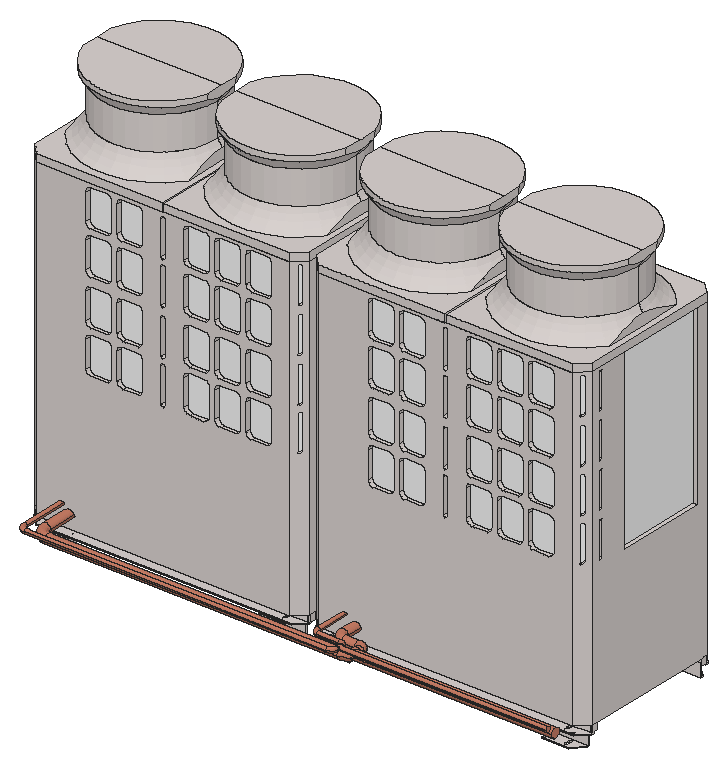
Revit family "PUHY-P900YSNW-A1", category Mechanical Equipment, Revit 2016
Family settings
  Part Type = Normal
  Round Connector Dimension = Use Radius
  OmniClass Number = 23.75.00.00
  OmniClass Title = Climate Control (HVAC)
  Work Plane-Based = No
  Always vertical = Yes
  Cut with Voids When Loaded = No
  Shared = No
  Room Calculation Point = No
Parameters (values of type "PUHY-P900YSNW-A1_380V_60Hz")
  Model = "PUHY-P900YSNW-A1"
  Width = 2510.000 mm
  WarrantyStart = ""
  Voltage = 380 V
  Unit Weight (kg) = 586
  URL = "http://www.mitsubishielectric.com/"
  Temp. range of heating (Outdoor temp.) (W.B.) = "-20.0 to 15.5"
  Temp. range of heating (Indoor temp.) (D.B.) = "15.0 to 27.0"
  Temp. range of cooling (Outdoor temp.) (D.B.) = "-5.0 to 52.0"
  Temp. range of cooling (Indoor temp.) (W.B.) = "15.0 to 24.0"
  TagNumber = 0
  Subcategory = "HVAC"
  Space View = yes
  Sound Pressure Level (dB(A)) Heating mode = 72.5
  Sound Pressure Level (dB(A)) Cooling mode = 68.5
  SerialNumber = 0
  ReplacementYear = ""
  Refrigerant type = "R410A"
  Refrigerant Charge (kg) = 21.6
  Protection Devices_Inverter circuit (COMP./FAN) = "Over-current protection"
  Protection Devices_High pressure (MPa) = "High pressure sensor, High pressure switch at 4.15"
  Phase = 3
  Manufacturer = "Mitsubishi Electric Corporation"
  Outdoor unit 2 Breaker size (A) = 60
  Outdoor unit 2 = PUHY-P450YNW-A1 : PUHY-P450YNW-A1
  Outdoor unit 1 Breaker size (A) = 60
  Outdoor unit 1 = PUHY-P450YNW-A1 : PUHY-P450YNW-A1
  Note_1 = "Refrigerant pipe diameters may change depending on the installation condition. Please refer to the installation manual."
  Maximum Circuit Ampacity (A) = 74.2
  Liquid pipe_radius = 9.525 mm
  InstallationDate = ""
  Indoor Unit Total Capacity = "50 to 130% of outdoor unit capacity"
  Indoor Unit Model/Quantity = "P10 to P250/2 to 50"
  Hertz = 60 Hz
  Height = 1858.000 mm
  Heating SCOP (kW/kW) = 3.71
  Heating Rated Load Ampacity (A) = 49.1
  Heating Power Input (kW) = 29.12
  Heating Power Input (Nominal) (kW) = 24.33
  Heating Current Input (Nominal) (A) = 41
  Heating Current Input (A) = 49.1
  Heating Capacity (kW) = 113
  Heating Capacity (Nominal) (kW) = 101
  Heating COP (kW/kW) = 3.88
  Heating COP (Nominal) (kW/kW) = 4.15
  Gas pipe_radius = 20.640 mm
  Fan_Type = "Propeller Fan"
  Fan_Quantity = 4
  Fan Motor Output (kW) = 1.84
  External static pressure (Pa) = 0
  External Finish = "Pre-coated galvanized steel sheets (+powder coating for -BS type) <MUNSELL 3Y 7.8/1.1 or similar>"
  Equip_description = ""
  Equip_No. = 0
  Equip_ID = ""
  Description = ""
  Depth = 740.000 mm
  CreatedOn = ""
  CreatedBy = ""
  Cooling SEER (kW/kW) = 6.41
  Cooling Rated Load Ampacity (A) = 51.3
  Cooling Power Input (kW) = 30.42
  Cooling EER (kW/kW) = 3.32
  Cooling Current Input (A) = 51.3
  Cooling Capacity (kW) = 101
  Compressor_Type = "Inverter scroll hermetic compressor"
  Compressor_Quantity = 2
  Compressor_Lubricant = "MEL32"
  Compressor Motor Output (kW) = 23.4
  Category = ""
  Barcode = ""
  AssetIdentifier = ""
  Airflow Rate (m3/min) = 610
  Airflow Rate (m3/h) = 36600
Reference planes
  plane 1 "Center (Front/Back)": y = 0
  plane 2: z = 0
  plane 3 "Center (Left/Right)": x = 0
  plane 4: y = 370
  plane 5 "front": y = -370
  plane 6: x = -1255
  plane 7: x = 1255
  plane 8: x = 15
  plane 9: x = -15
  plane 10: z = 1858
Forms (mm)
  Sweep 1, solid, material "Copper"
    path origin (1017.215, -4.248, 187) x (0, -1, 0) y (1, 0, 0)
      loop
        line (360, -2112.386) -> (570, -2112.386)
        arc (570, -2112.386) -> (591.213, -2103.6) -> (600, -2082.386) r 30
        line (600, -2082.386) -> (600, -725.507)
        arc (600, -725.507) -> (594.142, -711.365) -> (580, -705.507) r 20
        line (580, -705.507) -> (552.385, -705.507)
        arc (552.385, -705.507) -> (538.243, -711.365) -> (532.385, -725.507) r 20
        line (532.385, -725.507) -> (532.385, -821.501)
        arc (532.385, -821.501) -> (526.527, -835.643) -> (512.385, -841.501) r 20
        line (512.385, -841.501) -> (357.385, -841.501)
    profile origin (-1095.172, -469.248, 187) x (1, 0, 0) y (0, 0, 1)
      loop
        circle (0, 0) r 9.525
  Sweep 2, solid, material "Copper"
    path origin (934.386, -4.248, 187) x (0, -1, 0) y (1, 0, 0)
      loop
        line (565.96, -620) -> (565.96, 320.614)
    profile origin (784.693, -570.208, 187) x (0, 1, 0) y (0, 0, 1)
      loop
        circle (0, 0) r 9.525
  Sweep 3, solid, material "Copper"
    path origin (934.386, -4.248, 155.027) x (-1, 0, 0) y (0, -1, 0)
      loop
        line (595, 523.84) -> (-320, 523.84)
    profile origin (796.886, -528.088, 155.027) x (0, 1, 0) y (0, 0, 1)
      loop
        circle (0, 0) r 20.64
  Sweep 4, solid, material "Copper"
    path origin (0, 0, 0) x (1, 0, 0) y (0, 1, 0)
      loop
        line (229.542, -354.295) -> (229.542, -439.295)
        arc (229.542, -439.295) -> (239.793, -464.044) -> (264.542, -474.295) r 35
        line (264.542, -474.295) -> (324.542, -474.295)
        arc (324.542, -474.295) -> (342.22, -481.618) -> (349.542, -499.295) r 25
        line (349.542, -499.295) -> (349.542, -514.295)
        arc (349.542, -514.295) -> (337.826, -542.58) -> (309.542, -554.295) r 40
        line (309.542, -554.295) -> (-1005.458, -554.295)
        arc (-1005.458, -554.295) -> (-1044.349, -538.186) -> (-1060.458, -499.295) r 55
        line (-1060.458, -499.295) -> (-1060.458, -356.383)
    profile origin (229.542, -396.795, 0) x (1, 0, 0) y (0, 0, 1)
      loop
        circle (0, 155) r 20.64
Dimensions and locks
  nested 1 to nested 1 = 1240.000 mm
  nested 1 to nested 2 to nested 2 = 30.000 mm, 1240.000 mm
  "Liquid pipe_radius": radius of Sweep 2 sketch curve
  "Gas pipe_radius": radius of Sweep 3 sketch curve
  aligned and locked: level to plane 2
Automatic sketch dimensions
  Sweep 1 sketch curve to plane 5 "front" = 8.366 mm
  Sweep 1 sketch curve to plane 5 "front" = 5.752 mm
  plane 5 "front" to Sweep 1 sketch curve = 146.634 mm
  Sweep 1 sketch curve to Sweep 1 sketch curve = 20.000 mm  (x2)
  plane 5 "front" to Sweep 1 sketch curve = 204.248 mm
  Sweep 1 sketch curve to Sweep 1 sketch curve = 27.615 mm
  Sweep 1 sketch curve to Sweep 1 sketch curve = 30.000 mm
  plane 6 to Sweep 1 sketch curve = 159.828 mm
  plane 3 "Center (Left/Right)" to Sweep 1 sketch curve = 175.714 mm
  Sweep 1 sketch curve to Sweep 1 sketch curve = 95.994 mm
  profile plane to Sweep 1 sketch curve = 0.000 mm
  Sweep 1 sketch curve to profile plane = 0.000 mm
  Sweep 2 sketch curve to plane 7 = 0.000 mm
  plane 5 "front" to Sweep 2 sketch curve = 200.208 mm
  plane 8 to Sweep 2 sketch curve = 299.386 mm
  Sweep 3 sketch curve to plane 7 = 0.614 mm
  plane 5 "front" to Sweep 3 sketch curve = 158.088 mm
  plane 8 to Sweep 3 sketch curve = 324.386 mm
  level to Sweep 4 sketch curve = 155.000 mm
  profile plane to Sweep 4 sketch curve = 0.000 mm
  Sweep 4 sketch curve to plane 5 "front" = 13.617 mm
  plane 6 to Sweep 4 sketch curve = 194.542 mm
  Sweep 4 sketch curve to Sweep 4 sketch curve = 55.000 mm
  plane 5 "front" to Sweep 4 sketch curve = 69.295 mm
  plane 8 to Sweep 4 sketch curve = 214.542 mm
  Sweep 4 sketch curve to Sweep 4 sketch curve = 35.000 mm
  Sweep 4 sketch curve to Sweep 4 sketch curve = 45.000 mm
  Sweep 4 sketch curve to Sweep 4 sketch curve = 15.000 mm
  Sweep 4 sketch curve to Sweep 4 sketch curve = 25.000 mm
  plane 5 "front" to Sweep 4 sketch curve = 129.295 mm
  Sweep 4 sketch curve to plane 5 "front" = 15.705 mm
  Sweep 2 sketch curve to profile plane = 0.000 mm  (x2)
  Sweep 3 sketch curve to profile plane = 0.000 mm  (x2)
  radius of Sweep 1 sketch curve = 9.525 mm
  radius of Sweep 4 sketch curve = 20.640 mm
Nested families
  nested 1: "PUHY-P450YNW-A1" at (-635, 0, 0), type <- "Outdoor unit 1", type "PUHY-P450YNW-A1"
  nested 2: "PUHY-P450YNW-A1" at (635, 0, 0), type <- "Outdoor unit 2", type "PUHY-P450YNW-A1"
Connectors
  piping at (1254.386, -528.088, 155.027), diameter 41.28, driven by "Gas pipe_radius"
    settings: on Sweep 3, index 1, connector inside diameter 41.28 mm, connector length 0.000 mm, flow factor 0, pipe flow 0.0 L/s, pressure drop 0.0 Pa, fitting loss kfactor 0, connector angle 0.00°, fixture units 0, engagement length 0.000 mm, angle of deflection 0.00°, flow configuration 0, flow direction 0, fitting loss method 0, system type 22, joint type 0, gender type 0, connector reference index -1, connector utility 0, adjustable connector no, is connector primary yes, connector description "Indoor unit-Twinning pipe(Gas)"
  piping at (1255, -570.208, 187), diameter 19.05, driven by "Liquid pipe_radius"
    settings: on Sweep 2, index 2, connector inside diameter 19.05 mm, connector length 0.000 mm, flow factor 0, pipe flow 0.0 L/s, pressure drop 0.0 Pa, fitting loss kfactor 0, connector angle 0.00°, fixture units 0, engagement length 0.000 mm, angle of deflection 0.00°, flow configuration 0, flow direction 0, fitting loss method 0, system type 22, joint type 0, gender type 0, connector reference index -1, connector utility 0, adjustable connector no, is connector primary no, connector description "Indoor unit-Twinning pipe(Liquid)"
  electrical at (319, -370, 280), driven by "Phase", driven by "Voltage"
    settings: index 4, voltage 380 V, apparent load 0 VA, apparent load phase1 0 VA, apparent load phase2 0 VA, apparent load phase3 0 VA, power factor 1, load classification "HVAC", number of poles 3, system type 30, power factor state 1, is connector primary yes, connector utility no, sub classification motor no, connector description ""
  electrical at (-633, -370, 280), driven by "Phase", driven by "Voltage"
    settings: index 5, voltage 380 V, apparent load 0 VA, apparent load phase1 0 VA, apparent load phase2 0 VA, apparent load phase3 0 VA, power factor 1, load classification "HVAC", number of poles 3, system type 30, power factor state 1, is connector primary no, connector utility no, sub classification motor no, connector description ""
Definition of nested family "PUHY-P450YNW-A1"
  Parameters
    Model = "PUHY-P400YNW-A"
    URL = "http://www.mitsubishielectric.com/"
    Manufacturer = "Mitsubishi Electric Corporation"
    Liquid pipe_radius = 12.700 mm
    Gas pipe_radius = 14.290 mm
  Reference planes
    plane 1 "Center (Front/Back)": y = 0
    plane 2: z = 0
    plane 3 "Center (Left/Right)": x = 0
    plane 4: y = 370
    plane 5: z = 1858
    plane 6: y = -260
    plane 7: y = -204
    plane 8: y = -185
    plane 9: x = -620
    plane 10: x = 620
    plane 11: x = -620
    plane 12: z = 716
    plane 13: x = -524
    plane 14: z = 669
    plane 15: x = -50.5
    plane 16: x = 51
    plane 17: x = 489
    plane 18: x = 467
    plane 19 "132": x = 488
    plane 20 "100": z = 160
    plane 21: z = 185
    plane 22: x = 413
    plane 23: x = 364
    plane 24: z = 150
    plane 25: x = -287.25
    plane 26: x = -137.25
    plane 27: x = -272.25
    plane 28: y = -278
    plane 29: z = 1509
    plane 30: y = -370
    plane 31: x = -530
    plane 32: x = 530
    plane 33 "179": y = -191
  Forms (mm)
    Extrusion 1, solid
      sketch origin (-1, 0, 113) x (-1, 0, 0) y (0, -1, 0)
        loop
          line (569, -370) -> (619, -320) -> (619, 320) -> (569, 370) -> (-571, 370) -> (-621, 320) -> (-621, -320) -> (-571, -370) -> (569, -370)
      from -18 to 1408
    Extrusion 2, void
      sketch origin (524, -370, 113) x (1, 0, 0) y (0, 0, -1)
        loop
          arc (-60.8, -1393.5) -> (-42.557, -1385.943) -> (-35, -1367.7) r 25.8
          line (-35, -1367.7) -> (-35, -1248.5)
          arc (-35, -1248.5) -> (-42.557, -1230.257) -> (-60.8, -1222.7) r 25.8
          line (-60.8, -1222.7) -> (-126, -1222.7)
          arc (-126, -1222.7) -> (-144.243, -1230.257) -> (-151.8, -1248.5) r 25.8
          line (-151.8, -1248.5) -> (-151.8, -1367.7)
          arc (-151.8, -1367.7) -> (-144.243, -1385.943) -> (-126, -1393.5) r 25.8
          line (-126, -1393.5) -> (-60.8, -1393.5)
      from 0 to 20
    Extrusion 3, void
      sketch origin (524, -370, -81) x (1, 0, 0) y (0, 0, -1)
        loop
          arc (-60.8, -1393.5) -> (-42.557, -1385.943) -> (-35, -1367.7) r 25.8
          line (-35, -1367.7) -> (-35, -1248.5)
          arc (-35, -1248.5) -> (-42.557, -1230.257) -> (-60.8, -1222.7) r 25.8
          line (-60.8, -1222.7) -> (-126, -1222.7)
          arc (-126, -1222.7) -> (-144.243, -1230.257) -> (-151.8, -1248.5) r 25.8
          line (-151.8, -1248.5) -> (-151.8, -1367.7)
          arc (-151.8, -1367.7) -> (-144.243, -1385.943) -> (-126, -1393.5) r 25.8
          line (-126, -1393.5) -> (-60.8, -1393.5)
      from 0 to 20
    Extrusion 4, void
      sketch origin (524, -370, -287) x (1, 0, 0) y (0, 0, -1)
        loop
          arc (-60.8, -1393.5) -> (-42.557, -1385.943) -> (-35, -1367.7) r 25.8
          line (-35, -1367.7) -> (-35, -1248.5)
          arc (-35, -1248.5) -> (-42.557, -1230.257) -> (-60.8, -1222.7) r 25.8
          line (-60.8, -1222.7) -> (-126, -1222.7)
          arc (-126, -1222.7) -> (-144.243, -1230.257) -> (-151.8, -1248.5) r 25.8
          line (-151.8, -1248.5) -> (-151.8, -1367.7)
          arc (-151.8, -1367.7) -> (-144.243, -1385.943) -> (-126, -1393.5) r 25.8
          line (-126, -1393.5) -> (-60.8, -1393.5)
      from 0 to 20
    Extrusion 5, void
      sketch origin (524, -370, -481) x (1, 0, 0) y (0, 0, -1)
        loop
          arc (-60.8, -1393.5) -> (-42.557, -1385.943) -> (-35, -1367.7) r 25.8
          line (-35, -1367.7) -> (-35, -1248.5)
          arc (-35, -1248.5) -> (-42.557, -1230.257) -> (-60.8, -1222.7) r 25.8
          line (-60.8, -1222.7) -> (-126, -1222.7)
          arc (-126, -1222.7) -> (-144.243, -1230.257) -> (-151.8, -1248.5) r 25.8
          line (-151.8, -1248.5) -> (-151.8, -1367.7)
          arc (-151.8, -1367.7) -> (-144.243, -1385.943) -> (-126, -1393.5) r 25.8
          line (-126, -1393.5) -> (-60.8, -1393.5)
      from 0 to 20
    Extrusion 6, void
      sketch origin (384, -370, 113) x (1, 0, 0) y (0, 0, -1)
        loop
          arc (-60.8, -1393.5) -> (-42.557, -1385.943) -> (-35, -1367.7) r 25.8
          line (-35, -1367.7) -> (-35, -1248.5)
          arc (-35, -1248.5) -> (-42.557, -1230.257) -> (-60.8, -1222.7) r 25.8
          line (-60.8, -1222.7) -> (-126, -1222.7)
          arc (-126, -1222.7) -> (-144.243, -1230.257) -> (-151.8, -1248.5) r 25.8
          line (-151.8, -1248.5) -> (-151.8, -1367.7)
          arc (-151.8, -1367.7) -> (-144.243, -1385.943) -> (-126, -1393.5) r 25.8
          line (-126, -1393.5) -> (-60.8, -1393.5)
      from 0 to 20
    Extrusion 7, void
      sketch origin (384, -370, -81) x (1, 0, 0) y (0, 0, -1)
        loop
          arc (-60.8, -1393.5) -> (-42.557, -1385.943) -> (-35, -1367.7) r 25.8
          line (-35, -1367.7) -> (-35, -1248.5)
          arc (-35, -1248.5) -> (-42.557, -1230.257) -> (-60.8, -1222.7) r 25.8
          line (-60.8, -1222.7) -> (-126, -1222.7)
          arc (-126, -1222.7) -> (-144.243, -1230.257) -> (-151.8, -1248.5) r 25.8
          line (-151.8, -1248.5) -> (-151.8, -1367.7)
          arc (-151.8, -1367.7) -> (-144.243, -1385.943) -> (-126, -1393.5) r 25.8
          line (-126, -1393.5) -> (-60.8, -1393.5)
      from 0 to 20
    Extrusion 8, void
      sketch origin (384, -370, -287) x (1, 0, 0) y (0, 0, -1)
        loop
          arc (-60.8, -1393.5) -> (-42.557, -1385.943) -> (-35, -1367.7) r 25.8
          line (-35, -1367.7) -> (-35, -1248.5)
          arc (-35, -1248.5) -> (-42.557, -1230.257) -> (-60.8, -1222.7) r 25.8
          line (-60.8, -1222.7) -> (-126, -1222.7)
          arc (-126, -1222.7) -> (-144.243, -1230.257) -> (-151.8, -1248.5) r 25.8
          line (-151.8, -1248.5) -> (-151.8, -1367.7)
          arc (-151.8, -1367.7) -> (-144.243, -1385.943) -> (-126, -1393.5) r 25.8
          line (-126, -1393.5) -> (-60.8, -1393.5)
      from 0 to 20
    Extrusion 9, void
      sketch origin (384, -370, -481) x (1, 0, 0) y (0, 0, -1)
        loop
          arc (-60.8, -1393.5) -> (-42.557, -1385.943) -> (-35, -1367.7) r 25.8
          line (-35, -1367.7) -> (-35, -1248.5)
          arc (-35, -1248.5) -> (-42.557, -1230.257) -> (-60.8, -1222.7) r 25.8
          line (-60.8, -1222.7) -> (-126, -1222.7)
          arc (-126, -1222.7) -> (-144.243, -1230.257) -> (-151.8, -1248.5) r 25.8
          line (-151.8, -1248.5) -> (-151.8, -1367.7)
          arc (-151.8, -1367.7) -> (-144.243, -1385.943) -> (-126, -1393.5) r 25.8
          line (-126, -1393.5) -> (-60.8, -1393.5)
      from 0 to 20
    Extrusion 10, void
      sketch origin (244, -370, 113) x (1, 0, 0) y (0, 0, -1)
        loop
          arc (-60.8, -1393.5) -> (-42.557, -1385.943) -> (-35, -1367.7) r 25.8
          line (-35, -1367.7) -> (-35, -1248.5)
          arc (-35, -1248.5) -> (-42.557, -1230.257) -> (-60.8, -1222.7) r 25.8
          line (-60.8, -1222.7) -> (-126, -1222.7)
          arc (-126, -1222.7) -> (-144.243, -1230.257) -> (-151.8, -1248.5) r 25.8
          line (-151.8, -1248.5) -> (-151.8, -1367.7)
          arc (-151.8, -1367.7) -> (-144.243, -1385.943) -> (-126, -1393.5) r 25.8
          line (-126, -1393.5) -> (-60.8, -1393.5)
      from 0 to 20
    Extrusion 11, void
      sketch origin (244, -370, -81) x (1, 0, 0) y (0, 0, -1)
        loop
          arc (-60.8, -1393.5) -> (-42.557, -1385.943) -> (-35, -1367.7) r 25.8
          line (-35, -1367.7) -> (-35, -1248.5)
          arc (-35, -1248.5) -> (-42.557, -1230.257) -> (-60.8, -1222.7) r 25.8
          line (-60.8, -1222.7) -> (-126, -1222.7)
          arc (-126, -1222.7) -> (-144.243, -1230.257) -> (-151.8, -1248.5) r 25.8
          line (-151.8, -1248.5) -> (-151.8, -1367.7)
          arc (-151.8, -1367.7) -> (-144.243, -1385.943) -> (-126, -1393.5) r 25.8
          line (-126, -1393.5) -> (-60.8, -1393.5)
      from 0 to 20
    Extrusion 12, void
      sketch origin (244, -370, -287) x (1, 0, 0) y (0, 0, -1)
        loop
          arc (-60.8, -1393.5) -> (-42.557, -1385.943) -> (-35, -1367.7) r 25.8
          line (-35, -1367.7) -> (-35, -1248.5)
          arc (-35, -1248.5) -> (-42.557, -1230.257) -> (-60.8, -1222.7) r 25.8
          line (-60.8, -1222.7) -> (-126, -1222.7)
          arc (-126, -1222.7) -> (-144.243, -1230.257) -> (-151.8, -1248.5) r 25.8
          line (-151.8, -1248.5) -> (-151.8, -1367.7)
          arc (-151.8, -1367.7) -> (-144.243, -1385.943) -> (-126, -1393.5) r 25.8
          line (-126, -1393.5) -> (-60.8, -1393.5)
      from 0 to 20
    Extrusion 13, void
      sketch origin (244, -370, -481) x (1, 0, 0) y (0, 0, -1)
        loop
          arc (-60.8, -1393.5) -> (-42.557, -1385.943) -> (-35, -1367.7) r 25.8
          line (-35, -1367.7) -> (-35, -1248.5)
          arc (-35, -1248.5) -> (-42.557, -1230.257) -> (-60.8, -1222.7) r 25.8
          line (-60.8, -1222.7) -> (-126, -1222.7)
          arc (-126, -1222.7) -> (-144.243, -1230.257) -> (-151.8, -1248.5) r 25.8
          line (-151.8, -1248.5) -> (-151.8, -1367.7)
          arc (-151.8, -1367.7) -> (-144.243, -1385.943) -> (-126, -1393.5) r 25.8
          line (-126, -1393.5) -> (-60.8, -1393.5)
      from 0 to 20
    Extrusion 14, void
      sketch origin (-56, -370, 113) x (1, 0, 0) y (0, 0, -1)
        loop
          arc (-60.8, -1393.5) -> (-42.557, -1385.943) -> (-35, -1367.7) r 25.8
          line (-35, -1367.7) -> (-35, -1248.5)
          arc (-35, -1248.5) -> (-42.557, -1230.257) -> (-60.8, -1222.7) r 25.8
          line (-60.8, -1222.7) -> (-126, -1222.7)
          arc (-126, -1222.7) -> (-144.243, -1230.257) -> (-151.8, -1248.5) r 25.8
          line (-151.8, -1248.5) -> (-151.8, -1367.7)
          arc (-151.8, -1367.7) -> (-144.243, -1385.943) -> (-126, -1393.5) r 25.8
          line (-126, -1393.5) -> (-60.8, -1393.5)
      from 0 to 20
    Extrusion 15, void
      sketch origin (-56, -370, -81) x (1, 0, 0) y (0, 0, -1)
        loop
          arc (-60.8, -1393.5) -> (-42.557, -1385.943) -> (-35, -1367.7) r 25.8
          line (-35, -1367.7) -> (-35, -1248.5)
          arc (-35, -1248.5) -> (-42.557, -1230.257) -> (-60.8, -1222.7) r 25.8
          line (-60.8, -1222.7) -> (-126, -1222.7)
          arc (-126, -1222.7) -> (-144.243, -1230.257) -> (-151.8, -1248.5) r 25.8
          line (-151.8, -1248.5) -> (-151.8, -1367.7)
          arc (-151.8, -1367.7) -> (-144.243, -1385.943) -> (-126, -1393.5) r 25.8
          line (-126, -1393.5) -> (-60.8, -1393.5)
      from 0 to 20
    Extrusion 16, void
      sketch origin (-56, -370, -287) x (1, 0, 0) y (0, 0, -1)
        loop
          arc (-60.8, -1393.5) -> (-42.557, -1385.943) -> (-35, -1367.7) r 25.8
          line (-35, -1367.7) -> (-35, -1248.5)
          arc (-35, -1248.5) -> (-42.557, -1230.257) -> (-60.8, -1222.7) r 25.8
          line (-60.8, -1222.7) -> (-126, -1222.7)
          arc (-126, -1222.7) -> (-144.243, -1230.257) -> (-151.8, -1248.5) r 25.8
          line (-151.8, -1248.5) -> (-151.8, -1367.7)
          arc (-151.8, -1367.7) -> (-144.243, -1385.943) -> (-126, -1393.5) r 25.8
          line (-126, -1393.5) -> (-60.8, -1393.5)
      from 0 to 20
    Extrusion 17, void
      sketch origin (-56, -370, -481) x (1, 0, 0) y (0, 0, -1)
        loop
          arc (-60.8, -1393.5) -> (-42.557, -1385.943) -> (-35, -1367.7) r 25.8
          line (-35, -1367.7) -> (-35, -1248.5)
          arc (-35, -1248.5) -> (-42.557, -1230.257) -> (-60.8, -1222.7) r 25.8
          line (-60.8, -1222.7) -> (-126, -1222.7)
          arc (-126, -1222.7) -> (-144.243, -1230.257) -> (-151.8, -1248.5) r 25.8
          line (-151.8, -1248.5) -> (-151.8, -1367.7)
          arc (-151.8, -1367.7) -> (-144.243, -1385.943) -> (-126, -1393.5) r 25.8
          line (-126, -1393.5) -> (-60.8, -1393.5)
      from 0 to 20
    Extrusion 18, void
      sketch origin (-196, -370, 113) x (1, 0, 0) y (0, 0, -1)
        loop
          arc (-60.8, -1393.5) -> (-42.557, -1385.943) -> (-35, -1367.7) r 25.8
          line (-35, -1367.7) -> (-35, -1248.5)
          arc (-35, -1248.5) -> (-42.557, -1230.257) -> (-60.8, -1222.7) r 25.8
          line (-60.8, -1222.7) -> (-126, -1222.7)
          arc (-126, -1222.7) -> (-144.243, -1230.257) -> (-151.8, -1248.5) r 25.8
          line (-151.8, -1248.5) -> (-151.8, -1367.7)
          arc (-151.8, -1367.7) -> (-144.243, -1385.943) -> (-126, -1393.5) r 25.8
          line (-126, -1393.5) -> (-60.8, -1393.5)
      from 0 to 20
    Extrusion 19, void
      sketch origin (-196, -370, -81) x (1, 0, 0) y (0, 0, -1)
        loop
          arc (-60.8, -1393.5) -> (-42.557, -1385.943) -> (-35, -1367.7) r 25.8
          line (-35, -1367.7) -> (-35, -1248.5)
          arc (-35, -1248.5) -> (-42.557, -1230.257) -> (-60.8, -1222.7) r 25.8
          line (-60.8, -1222.7) -> (-126, -1222.7)
          arc (-126, -1222.7) -> (-144.243, -1230.257) -> (-151.8, -1248.5) r 25.8
          line (-151.8, -1248.5) -> (-151.8, -1367.7)
          arc (-151.8, -1367.7) -> (-144.243, -1385.943) -> (-126, -1393.5) r 25.8
          line (-126, -1393.5) -> (-60.8, -1393.5)
      from 0 to 20
    Extrusion 20, void
      sketch origin (-196, -370, -287) x (1, 0, 0) y (0, 0, -1)
        loop
          arc (-60.8, -1393.5) -> (-42.557, -1385.943) -> (-35, -1367.7) r 25.8
          line (-35, -1367.7) -> (-35, -1248.5)
          arc (-35, -1248.5) -> (-42.557, -1230.257) -> (-60.8, -1222.7) r 25.8
          line (-60.8, -1222.7) -> (-126, -1222.7)
          arc (-126, -1222.7) -> (-144.243, -1230.257) -> (-151.8, -1248.5) r 25.8
          line (-151.8, -1248.5) -> (-151.8, -1367.7)
          arc (-151.8, -1367.7) -> (-144.243, -1385.943) -> (-126, -1393.5) r 25.8
          line (-126, -1393.5) -> (-60.8, -1393.5)
      from 0 to 20
    Extrusion 21, void
      sketch origin (-196, -370, -481) x (1, 0, 0) y (0, 0, -1)
        loop
          arc (-60.8, -1393.5) -> (-42.557, -1385.943) -> (-35, -1367.7) r 25.8
          line (-35, -1367.7) -> (-35, -1248.5)
          arc (-35, -1248.5) -> (-42.557, -1230.257) -> (-60.8, -1222.7) r 25.8
          line (-60.8, -1222.7) -> (-126, -1222.7)
          arc (-126, -1222.7) -> (-144.243, -1230.257) -> (-151.8, -1248.5) r 25.8
          line (-151.8, -1248.5) -> (-151.8, -1367.7)
          arc (-151.8, -1367.7) -> (-144.243, -1385.943) -> (-126, -1393.5) r 25.8
          line (-126, -1393.5) -> (-60.8, -1393.5)
      from 0 to 20
    Extrusion 22, void
      sketch origin (620, 320, 113) x (0, 1, 0) y (0, 0, -1)
        loop
          line (-462.3, -1408) -> (-50.8, -1408) -> (-50.8, -612) -> (-462.3, -612) -> (-462.3, -1408)
      from 0 to 20
    Extrusion 23, void
      sketch origin (-620, -320, 113) x (0, -1, 0) y (0, 0, -1)
        loop
          line (-535.7, -1408) -> (-207.7, -1408) -> (-207.7, -592) -> (-535.7, -592) -> (-535.7, -1408)
      from 0 to 20
    Extrusion 24, void
      sketch origin (194.892, 370, 113) x (-1, 0, 0) y (0, 0, -1)
        loop
          arc (204.892, -1225.013) -> (194.892, -1215.013) -> (184.892, -1225.013) r 10
          line (184.892, -1225.013) -> (184.892, -1379.987)
          arc (184.892, -1379.987) -> (194.892, -1389.987) -> (204.892, -1379.987) r 10
          line (204.892, -1379.987) -> (204.892, -1225.013)
        loop
          arc (204.892, -1031.013) -> (194.892, -1021.013) -> (184.892, -1031.013) r 10
          line (184.892, -1031.013) -> (184.892, -1185.987)
          arc (184.892, -1185.987) -> (194.892, -1195.987) -> (204.892, -1185.987) r 10
          line (204.892, -1185.987) -> (204.892, -1031.013)
        loop
          arc (204.892, -825.013) -> (194.892, -815.013) -> (184.892, -825.013) r 10
          line (184.892, -825.013) -> (184.892, -979.987)
          arc (184.892, -979.987) -> (194.892, -989.987) -> (204.892, -979.987) r 10
          line (204.892, -979.987) -> (204.892, -825.013)
        loop
          arc (204.892, -631.013) -> (194.892, -621.013) -> (184.892, -631.013) r 10
          line (184.892, -631.013) -> (184.892, -785.987)
          arc (184.892, -785.987) -> (194.892, -795.987) -> (204.892, -785.987) r 10
          line (204.892, -785.987) -> (204.892, -631.013)
      from 0 to 20
    Extrusion 25, void
      sketch origin (-570, 370, 113) x (0.707107, 0.707107, 0) y (0, 0, 1)
        loop
          arc (-45.355, 1236) -> (-35.355, 1226) -> (-25.355, 1236) r 10
          line (-25.355, 1236) -> (-25.355, 1386)
          arc (-25.355, 1386) -> (-35.355, 1396) -> (-45.355, 1386) r 10
          line (-45.355, 1386) -> (-45.355, 1236)
        loop
          arc (-45.355, 1036) -> (-35.355, 1026) -> (-25.355, 1036) r 10
          line (-25.355, 1036) -> (-25.355, 1186)
          arc (-25.355, 1186) -> (-35.355, 1196) -> (-45.355, 1186) r 10
          line (-45.355, 1186) -> (-45.355, 1036)
        loop
          arc (-45.355, 836) -> (-35.355, 826) -> (-25.355, 836) r 10
          line (-25.355, 836) -> (-25.355, 986)
          arc (-25.355, 986) -> (-35.355, 996) -> (-45.355, 986) r 10
          line (-45.355, 986) -> (-45.355, 836)
        loop
          arc (-45.355, 641) -> (-35.355, 631) -> (-25.355, 641) r 10
          line (-25.355, 641) -> (-25.355, 791)
          arc (-25.355, 791) -> (-35.355, 801) -> (-45.355, 791) r 10
          line (-45.355, 791) -> (-45.355, 641)
      from 0 to 20
    Extrusion 26, void
      sketch origin (-620, -320, 113) x (0, -1, 0) y (0, 0, -1)
        loop
          line (-607.846, -1035.895) -> (-607.846, -1186.105)
          arc (-607.846, -1186.105) -> (-597.846, -1196.105) -> (-587.846, -1186.105) r 10
          line (-587.846, -1186.105) -> (-587.846, -1035.895)
          arc (-587.846, -1035.895) -> (-597.846, -1025.895) -> (-607.846, -1035.895) r 10
        loop
          line (-607.846, -835.895) -> (-607.846, -986.105)
          arc (-607.846, -986.105) -> (-597.846, -996.105) -> (-587.846, -986.105) r 10
          line (-587.846, -986.105) -> (-587.846, -835.895)
          arc (-587.846, -835.895) -> (-597.846, -825.895) -> (-607.846, -835.895) r 10
        loop
          line (-607.846, -1235.895) -> (-607.846, -1386.105)
          arc (-607.846, -1386.105) -> (-597.846, -1396.105) -> (-587.846, -1386.105) r 10
          line (-587.846, -1386.105) -> (-587.846, -1235.895)
          arc (-587.846, -1235.895) -> (-597.846, -1225.895) -> (-607.846, -1235.895) r 10
        loop
          line (-607.846, -635.895) -> (-607.846, -786.105)
          arc (-607.846, -786.105) -> (-597.846, -796.105) -> (-587.846, -786.105) r 10
          line (-587.846, -786.105) -> (-587.846, -635.895)
          arc (-587.846, -635.895) -> (-597.846, -625.895) -> (-607.846, -635.895) r 10
      from 0 to 20
    Extrusion 27, void
      sketch origin (1079, -370, 113) x (1, 0, 0) y (0, 0, -1)
        loop
          arc (-1089, -1379.975) -> (-1079, -1389.975) -> (-1069, -1379.975) r 10
          line (-1069, -1379.975) -> (-1069, -1225)
          arc (-1069, -1225) -> (-1079, -1215) -> (-1089, -1225) r 10
          line (-1089, -1225) -> (-1089, -1379.975)
        loop
          arc (-1089, -1185.975) -> (-1079, -1195.975) -> (-1069, -1185.975) r 10
          line (-1069, -1185.975) -> (-1069, -1031)
          arc (-1069, -1031) -> (-1079, -1021) -> (-1089, -1031) r 10
          line (-1089, -1031) -> (-1089, -1185.975)
        loop
          arc (-1089, -979.975) -> (-1079, -989.975) -> (-1069, -979.975) r 10
          line (-1069, -979.975) -> (-1069, -825)
          arc (-1069, -825) -> (-1079, -815) -> (-1089, -825) r 10
          line (-1089, -825) -> (-1089, -979.975)
        loop
          arc (-1089, -785.975) -> (-1079, -795.975) -> (-1069, -785.975) r 10
          line (-1069, -785.975) -> (-1069, -631)
          arc (-1069, -631) -> (-1079, -621) -> (-1089, -631) r 10
          line (-1089, -631) -> (-1089, -785.975)
      from 0 to 20
    Extrusion 28, void
      sketch origin (-571, 370, 113) x (-1, 0, 0) y (0, 0, -1)
        loop
          line (-519.5, -1408) -> (-48, -1408) -> (-48, -556) -> (-519.5, -556) -> (-519.5, -1408)
      from 0 to 20
    Extrusion 29, void
      sketch origin (-571, 370, 113) x (-1, 0, 0) y (0, 0, -1)
        loop
          line (-1038, -1408) -> (-622, -1408) -> (-622, -556) -> (-1038, -556) -> (-1038, -1408)
      from 0 to 20
    Extrusion 30, void
      sketch origin (620, 320, 113) x (0, 1, 0) y (0, 0, -1)
        loop
          arc (-588, -1035.791) -> (-598, -1025.791) -> (-608, -1035.791) r 10
          line (-608, -1035.791) -> (-608, -1186)
          arc (-608, -1186) -> (-598, -1196) -> (-588, -1186) r 10
          line (-588, -1186) -> (-588, -1035.791)
        loop
          arc (-588, -835.791) -> (-598, -825.791) -> (-608, -835.791) r 10
          line (-608, -835.791) -> (-608, -986)
          arc (-608, -986) -> (-598, -996) -> (-588, -986) r 10
          line (-588, -986) -> (-588, -835.791)
        loop
          arc (-588, -1235.791) -> (-598, -1225.791) -> (-608, -1235.791) r 10
          line (-608, -1235.791) -> (-608, -1386)
          arc (-608, -1386) -> (-598, -1396) -> (-588, -1386) r 10
          line (-588, -1386) -> (-588, -1235.791)
        loop
          arc (-588, -635.791) -> (-598, -625.791) -> (-608, -635.791) r 10
          line (-608, -635.791) -> (-608, -786)
          arc (-608, -786) -> (-598, -796) -> (-588, -786) r 10
          line (-588, -786) -> (-588, -635.791)
      from 0 to 20
    Extrusion 31, void
      sketch origin (1291.751, 351.751, 113) x (0.707107, 0.707107, 0) y (0, 0, -1)
        loop
          line (-995.311, -1236) -> (-995.311, -1386)
          arc (-995.311, -1386) -> (-985.311, -1396) -> (-975.311, -1386) r 10
          line (-975.311, -1386) -> (-975.311, -1236)
          arc (-975.311, -1236) -> (-985.311, -1226) -> (-995.311, -1236) r 10
        loop
          line (-995.311, -1036) -> (-995.311, -1186)
          arc (-995.311, -1186) -> (-985.311, -1196) -> (-975.311, -1186) r 10
          line (-975.311, -1186) -> (-975.311, -1036)
          arc (-975.311, -1036) -> (-985.311, -1026) -> (-995.311, -1036) r 10
        loop
          line (-995.311, -836) -> (-995.311, -986)
          arc (-995.311, -986) -> (-985.311, -996) -> (-975.311, -986) r 10
          line (-975.311, -986) -> (-975.311, -836)
          arc (-975.311, -836) -> (-985.311, -826) -> (-995.311, -836) r 10
        loop
          line (-995.311, -641) -> (-995.311, -791)
          arc (-995.311, -791) -> (-985.311, -801) -> (-975.311, -791) r 10
          line (-975.311, -791) -> (-975.311, -641)
          arc (-975.311, -641) -> (-985.311, -631) -> (-995.311, -641) r 10
      from 0 to 20
    Extrusion 32, void
      sketch origin (0, -191, 0) x (-1, 0, 0) y (0, 0, 1)
        loop
          circle (460, 176) r 6.35
      from 0 to 78.7
    Extrusion 33, void
      sketch origin (0, -191, 0) x (-1, 0, 0) y (0, 0, 1)
        loop
          circle (377, 176) r 14.29
      from 0 to 78.7
  Cuts and joins
    Extrusion 2, Extrusion 3, Extrusion 4, Extrusion 5, Extrusion 6, Extrusion 7, Extrusion 8, Extrusion 9, Extrusion 10, Extrusion 11, Extrusion 12, Extrusion 13, Extrusion 14, Extrusion 15, Extrusion 16, Extrusion 17, Extrusion 18, Extrusion 19, Extrusion 20, Extrusion 21, Extrusion 22, Extrusion 23, Extrusion 24, Extrusion 25, Extrusion 26, Extrusion 27, Extrusion 28, Extrusion 29, Extrusion 30, Extrusion 31, Extrusion 32, Extrusion 33 cuts Extrusion 1
  Lines and regions (mm)
    model lines
      curve 1: line (-351, -291, 95) -> (-481, -291, 95)
      curve 2: line (-342, -206, 95) -> (-342, -282, 95)
      curve 3: line (-481, -197, 95) -> (-351, -197, 95)
      curve 4: line (-492, -280, 95) -> (-492, -208, 95)
      curve 5: arc (-492, -280, 95) -> (-488.778, -287.778, 95) -> (-481, -291, 95) r 11
      curve 6: arc (-351, -291, 95) -> (-344.636, -288.364, 95) -> (-342, -282, 95) r 9
      curve 7: arc (-342, -206, 95) -> (-344.636, -199.636, 95) -> (-351, -197, 95) r 9
      curve 8: arc (-481, -197, 95) -> (-488.778, -200.222, 95) -> (-492, -208, 95) r 11
      curve 9: line (-30, -370, 1521) -> (-30, -370, 95)
      curve 10: line (30, -370, 1521) -> (30, -370, 95)
      curve 11: line (-485, -370, 215) -> (-357, -370, 215)
      curve 12: line (-495, -370, 141) -> (-495, -370, 205)
      curve 13: line (-357, -370, 131) -> (-485, -370, 131)
      curve 14: line (-347, -370, 205) -> (-347, -370, 141)
      curve 15: arc (-485, -370, 215) -> (-492.071, -370, 212.071) -> (-495, -370, 205) r 10
      curve 16: arc (-495, -370, 141) -> (-492.071, -370, 133.929) -> (-485, -370, 131) r 10
      curve 17: arc (-357, -370, 131) -> (-349.929, -370, 133.929) -> (-347, -370, 141) r 10
      curve 18: arc (-347, -370, 205) -> (-349.929, -370, 212.071) -> (-357, -370, 215) r 10
      curve 19: line (-405, -370, 1521) -> (-405, -370, 716)
      curve 20: line (620, -162.3, 1521) -> (620, -162.3, 95)
      curve 21: line (620, 289.2, 1521) -> (620, 289.2, 95)
      curve 22: line (620, -162.3, 705) -> (620, 289.2, 705)
      curve 23: line (620, -162.3, 725) -> (620, 289.2, 725)
      curve 24: line (620, -76.8, 583) -> (620, 203.2, 583)
      curve 25: line (620, 203.2, 563) -> (620, -76.8, 563)
      curve 26: arc (620, -76.8, 583) -> (620, -83.871, 580.071) -> (620, -86.8, 573) r 10
      curve 27: arc (620, -76.8, 563) -> (620, -83.871, 565.929) -> (620, -86.8, 573) r 10
      curve 28: arc (620, 203.2, 583) -> (620, 210.271, 580.071) -> (620, 213.2, 573) r 10
      curve 29: arc (620, 203.2, 563) -> (620, 210.271, 565.929) -> (620, 213.2, 573) r 10
      curve 30: line (620, -76.8, 478) -> (620, 203.2, 478)
      curve 31: line (620, 203.2, 458) -> (620, -76.8, 458)
      curve 32: arc (620, -76.8, 478) -> (620, -83.871, 475.071) -> (620, -86.8, 468) r 10
      curve 33: arc (620, -76.8, 458) -> (620, -83.871, 460.929) -> (620, -86.8, 468) r 10
      curve 34: arc (620, 203.2, 478) -> (620, 210.271, 475.071) -> (620, 213.2, 468) r 10
      curve 35: arc (620, 203.2, 458) -> (620, 210.271, 460.929) -> (620, 213.2, 468) r 10
      curve 36: line (620, -76.8, 373) -> (620, 203.2, 373)
      curve 37: line (620, 203.2, 353) -> (620, -76.8, 353)
      curve 38: arc (620, -76.8, 373) -> (620, -83.871, 370.071) -> (620, -86.8, 363) r 10
      curve 39: arc (620, -76.8, 353) -> (620, -83.871, 355.929) -> (620, -86.8, 363) r 10
      curve 40: arc (620, 203.2, 373) -> (620, 210.271, 370.071) -> (620, 213.2, 363) r 10
      curve 41: arc (620, 203.2, 353) -> (620, 210.271, 355.929) -> (620, 213.2, 363) r 10
      curve 42: line (620, -76.8, 268) -> (620, 203.2, 268)
      curve 43: line (620, 203.2, 248) -> (620, -76.8, 248)
      curve 44: arc (620, -76.8, 268) -> (620, -83.871, 265.071) -> (620, -86.8, 258) r 10
      curve 45: arc (620, -76.8, 248) -> (620, -83.871, 250.929) -> (620, -86.8, 258) r 10
      curve 46: arc (620, 203.2, 268) -> (620, 210.271, 265.071) -> (620, 213.2, 258) r 10
      curve 47: arc (620, 203.2, 248) -> (620, 210.271, 250.929) -> (620, 213.2, 258) r 10
      curve 48: line (-620, -162.3, 1521) -> (-620, -162.3, 95)
      curve 49: line (-620, 235.7, 1521) -> (-620, 235.7, 95)
      curve 50: line (-620, -112.3, 1521) -> (-620, -112.3, 705)
      curve 51: line (-620, 215.7, 1521) -> (-620, 215.7, 705)
      curve 52: line (-620, 235.7, 705) -> (-620, -162.3, 705)
      curve 53: line (-620, 176.7, 268) -> (-620, -103.3, 268)
      curve 54: line (-620, -103.3, 248) -> (-620, 176.7, 248)
      curve 55: arc (-620, 186.7, 258) -> (-620, 183.771, 265.071) -> (-620, 176.7, 268) r 10
      curve 56: arc (-620, 176.7, 248) -> (-620, 183.771, 250.929) -> (-620, 186.7, 258) r 10
      curve 57: arc (-620, -103.3, 268) -> (-620, -110.371, 265.071) -> (-620, -113.3, 258) r 10
      curve 58: arc (-620, -113.3, 258) -> (-620, -110.371, 250.929) -> (-620, -103.3, 248) r 10
      curve 59: line (-620, 176.7, 373) -> (-620, -103.3, 373)
      curve 60: line (-620, -103.3, 353) -> (-620, 176.7, 353)
      curve 61: arc (-620, 186.7, 363) -> (-620, 183.771, 370.071) -> (-620, 176.7, 373) r 10
      curve 62: arc (-620, 176.7, 353) -> (-620, 183.771, 355.929) -> (-620, 186.7, 363) r 10
      curve 63: arc (-620, -103.3, 373) -> (-620, -110.371, 370.071) -> (-620, -113.3, 363) r 10
      curve 64: arc (-620, -113.3, 363) -> (-620, -110.371, 355.929) -> (-620, -103.3, 353) r 10
      curve 65: line (-620, 176.7, 478) -> (-620, -103.3, 478)
      curve 66: line (-620, -103.3, 458) -> (-620, 176.7, 458)
      curve 67: arc (-620, 186.7, 468) -> (-620, 183.771, 475.071) -> (-620, 176.7, 478) r 10
      curve 68: arc (-620, 176.7, 458) -> (-620, 183.771, 460.929) -> (-620, 186.7, 468) r 10
      curve 69: arc (-620, -103.3, 478) -> (-620, -110.371, 475.071) -> (-620, -113.3, 468) r 10
      curve 70: arc (-620, -113.3, 468) -> (-620, -110.371, 460.929) -> (-620, -103.3, 458) r 10
      curve 71: line (-620, 176.7, 583) -> (-620, -103.3, 583)
      curve 72: line (-620, -103.3, 563) -> (-620, 176.7, 563)
      curve 73: arc (-620, 186.7, 573) -> (-620, 183.771, 580.071) -> (-620, 176.7, 583) r 10
      curve 74: arc (-620, 176.7, 563) -> (-620, 183.771, 565.929) -> (-620, 186.7, 573) r 10
      curve 75: arc (-620, -103.3, 583) -> (-620, -110.371, 580.071) -> (-620, -113.3, 573) r 10
      curve 76: arc (-620, -113.3, 573) -> (-620, -110.371, 565.929) -> (-620, -103.3, 563) r 10
      curve 77: line (-544, 370, 1521) -> (-544, 370, 95)
      curve 78: line (489, 370, 649) -> (30, 370, 649)
      curve 79: line (-30.5, 370, 649) -> (-544, 370, 649)
      curve 80: line (-147.25, 370, 584) -> (-427.25, 370, 584)
      curve 81: line (-427.25, 370, 564) -> (-147.25, 370, 564)
      curve 82: arc (-137.25, 370, 574) -> (-140.179, 370, 581.071) -> (-147.25, 370, 584) r 10
      curve 83: arc (-147.25, 370, 564) -> (-140.179, 370, 566.929) -> (-137.25, 370, 574) r 10
      curve 84: arc (-427.25, 370, 584) -> (-434.321, 370, 581.071) -> (-437.25, 370, 574) r 10
      curve 85: arc (-437.25, 370, 574) -> (-434.321, 370, 566.929) -> (-427.25, 370, 564) r 10
      curve 86: circle (448, -185, 1521) r 15 normal (0, 0, 1)
      curve 87: circle (468, -185, 95) r 26 normal (0, 0, 1)
      curve 88: circle (448, -260, 95) r 32.5 normal (0, 0, 1)
      curve 89: circle (404, -204, 95) r 17 normal (0, 0, 1)
      curve 90: line (-550, -370, 1521) -> (-550, -370, 95)
      curve 91: line (-550, -370, 716) -> (-30, -370, 716)
      curve 92: line (550, -370, 95) -> (550, -370, 1521)
      curve 93: line (30, -370, 716) -> (550, -370, 716)
      curve 94: line (-30.5, 370, 1521) -> (-30.5, 370, 95)
      curve 95: line (30, 370, 1521) -> (30, 370, 95)
      curve 96: line (489, 370, 1521) -> (489, 370, 95)
      curve 97: line (467, 370, 669) -> (467, 370, 649)
      curve 98: line (-352, -370, 223) -> (-550, -370, 223)
      curve 99: line (-342, -370, 213) -> (-342, -370, 95)
      curve 100: arc (-342, -370, 213) -> (-344.929, -370, 220.071) -> (-352, -370, 223) r 10
      curve 101: circle (488, -370, 160) r 32.5 normal (0, -1, 0)
      curve 102: circle (488, -370, 160) r 20 normal (0, -1, 0)
      curve 103: circle (364, -370, 150) r 17 normal (0, -1, 0)
      curve 104: circle (413, -370, 185) r 26 normal (0, -1, 0)
      curve 105: circle (413, -370, 185) r 13.5 normal (0, -1, 0)
      curve 106: line (352, -370, 223) -> (550, -370, 223)
      curve 107: line (342, -370, 213) -> (342, -370, 95)
      curve 108: arc (342, -370, 213) -> (344.929, -370, 220.071) -> (352, -370, 223) r 10
      curve 109: line (-147.25, 370, 479) -> (-427.25, 370, 479)
      curve 110: line (-427.25, 370, 459) -> (-147.25, 370, 459)
      curve 111: arc (-137.25, 370, 469) -> (-140.179, 370, 476.071) -> (-147.25, 370, 479) r 10
      curve 112: arc (-147.25, 370, 459) -> (-140.179, 370, 461.929) -> (-137.25, 370, 469) r 10
      curve 113: arc (-427.25, 370, 479) -> (-434.321, 370, 476.071) -> (-437.25, 370, 469) r 10
      curve 114: arc (-437.25, 370, 469) -> (-434.321, 370, 461.929) -> (-427.25, 370, 459) r 10
      curve 115: line (-147.25, 370, 374) -> (-427.25, 370, 374)
      curve 116: line (-427.25, 370, 354) -> (-147.25, 370, 354)
      curve 117: arc (-137.25, 370, 364) -> (-140.179, 370, 371.071) -> (-147.25, 370, 374) r 10
      curve 118: arc (-147.25, 370, 354) -> (-140.179, 370, 356.929) -> (-137.25, 370, 364) r 10
      curve 119: arc (-427.25, 370, 374) -> (-434.321, 370, 371.071) -> (-437.25, 370, 364) r 10
      curve 120: arc (-437.25, 370, 364) -> (-434.321, 370, 356.929) -> (-427.25, 370, 354) r 10
      curve 121: line (-147.25, 370, 269) -> (-427.25, 370, 269)
      curve 122: line (-427.25, 370, 249) -> (-147.25, 370, 249)
      curve 123: arc (-137.25, 370, 259) -> (-140.179, 370, 266.071) -> (-147.25, 370, 269) r 10
      curve 124: arc (-147.25, 370, 249) -> (-140.179, 370, 251.929) -> (-137.25, 370, 259) r 10
      curve 125: arc (-427.25, 370, 269) -> (-434.321, 370, 266.071) -> (-437.25, 370, 259) r 10
      curve 126: arc (-437.25, 370, 259) -> (-434.321, 370, 251.929) -> (-427.25, 370, 249) r 10
      curve 127: line (399.5, 370, 584) -> (119.5, 370, 584)
      curve 128: line (119.5, 370, 564) -> (399.5, 370, 564)
      curve 129: arc (409.5, 370, 574) -> (406.571, 370, 581.071) -> (399.5, 370, 584) r 10
      curve 130: arc (399.5, 370, 564) -> (406.571, 370, 566.929) -> (409.5, 370, 574) r 10
      curve 131: arc (119.5, 370, 584) -> (112.429, 370, 581.071) -> (109.5, 370, 574) r 10
      curve 132: arc (109.5, 370, 574) -> (112.429, 370, 566.929) -> (119.5, 370, 564) r 10
      curve 133: line (399.5, 370, 479) -> (119.5, 370, 479)
      curve 134: line (119.5, 370, 459) -> (399.5, 370, 459)
      curve 135: arc (409.5, 370, 469) -> (406.571, 370, 476.071) -> (399.5, 370, 479) r 10
      curve 136: arc (399.5, 370, 459) -> (406.571, 370, 461.929) -> (409.5, 370, 469) r 10
      curve 137: arc (119.5, 370, 479) -> (112.429, 370, 476.071) -> (109.5, 370, 469) r 10
      curve 138: arc (109.5, 370, 469) -> (112.429, 370, 461.929) -> (119.5, 370, 459) r 10
      curve 139: line (399.5, 370, 374) -> (119.5, 370, 374)
      curve 140: line (119.5, 370, 354) -> (399.5, 370, 354)
      curve 141: arc (409.5, 370, 364) -> (406.571, 370, 371.071) -> (399.5, 370, 374) r 10
      curve 142: arc (399.5, 370, 354) -> (406.571, 370, 356.929) -> (409.5, 370, 364) r 10
      curve 143: arc (119.5, 370, 374) -> (112.429, 370, 371.071) -> (109.5, 370, 364) r 10
      curve 144: arc (109.5, 370, 364) -> (112.429, 370, 356.929) -> (119.5, 370, 354) r 10
      curve 145: line (399.5, 370, 269) -> (119.5, 370, 269)
      curve 146: line (119.5, 370, 249) -> (399.5, 370, 249)
      curve 147: arc (409.5, 370, 259) -> (406.571, 370, 266.071) -> (399.5, 370, 269) r 10
      curve 148: arc (399.5, 370, 249) -> (406.571, 370, 251.929) -> (409.5, 370, 259) r 10
      curve 149: arc (119.5, 370, 269) -> (112.429, 370, 266.071) -> (109.5, 370, 259) r 10
      curve 150: arc (109.5, 370, 259) -> (112.429, 370, 251.929) -> (119.5, 370, 249) r 10
      curve 151: line (399.5, -370, 584) -> (119.5, -370, 584)
      curve 152: line (119.5, -370, 564) -> (399.5, -370, 564)
      curve 153: arc (409.5, -370, 574) -> (406.571, -370, 581.071) -> (399.5, -370, 584) r 10
      curve 154: arc (399.5, -370, 564) -> (406.571, -370, 566.929) -> (409.5, -370, 574) r 10
      curve 155: arc (119.5, -370, 584) -> (112.429, -370, 581.071) -> (109.5, -370, 574) r 10
      curve 156: arc (109.5, -370, 574) -> (112.429, -370, 566.929) -> (119.5, -370, 564) r 10
      curve 157: line (399.5, -370, 479) -> (119.5, -370, 479)
      curve 158: line (119.5, -370, 459) -> (399.5, -370, 459)
      curve 159: arc (409.5, -370, 469) -> (406.571, -370, 476.071) -> (399.5, -370, 479) r 10
      curve 160: arc (399.5, -370, 459) -> (406.571, -370, 461.929) -> (409.5, -370, 469) r 10
      curve 161: arc (119.5, -370, 479) -> (112.429, -370, 476.071) -> (109.5, -370, 469) r 10
      curve 162: arc (109.5, -370, 469) -> (112.429, -370, 461.929) -> (119.5, -370, 459) r 10
      curve 163: line (399.5, -370, 374) -> (119.5, -370, 374)
      curve 164: line (119.5, -370, 354) -> (399.5, -370, 354)
      curve 165: arc (409.5, -370, 364) -> (406.571, -370, 371.071) -> (399.5, -370, 374) r 10
      curve 166: arc (399.5, -370, 354) -> (406.571, -370, 356.929) -> (409.5, -370, 364) r 10
      curve 167: arc (119.5, -370, 374) -> (112.429, -370, 371.071) -> (109.5, -370, 364) r 10
      curve 168: arc (109.5, -370, 364) -> (112.429, -370, 356.929) -> (119.5, -370, 354) r 10
      curve 169: arc (119.5, -370, 269) -> (112.429, -370, 266.071) -> (109.5, -370, 259) r 10
      curve 170: arc (109.5, -370, 259) -> (112.429, -370, 251.929) -> (119.5, -370, 249) r 10
      curve 171: line (-147.25, -370, 584) -> (-427.25, -370, 584)
      curve 172: line (-427.25, -370, 564) -> (-147.25, -370, 564)
      curve 173: arc (-137.25, -370, 574) -> (-140.179, -370, 581.071) -> (-147.25, -370, 584) r 10
      curve 174: arc (-147.25, -370, 564) -> (-140.179, -370, 566.929) -> (-137.25, -370, 574) r 10
      curve 175: arc (-427.25, -370, 584) -> (-434.321, -370, 581.071) -> (-437.25, -370, 574) r 10
      curve 176: arc (-437.25, -370, 574) -> (-434.321, -370, 566.929) -> (-427.25, -370, 564) r 10
      curve 177: line (-147.25, -370, 479) -> (-427.25, -370, 479)
      curve 178: line (-427.25, -370, 459) -> (-147.25, -370, 459)
      curve 179: arc (-137.25, -370, 469) -> (-140.179, -370, 476.071) -> (-147.25, -370, 479) r 10
      curve 180: arc (-147.25, -370, 459) -> (-140.179, -370, 461.929) -> (-137.25, -370, 469) r 10
      curve 181: arc (-427.25, -370, 479) -> (-434.321, -370, 476.071) -> (-437.25, -370, 469) r 10
      curve 182: arc (-437.25, -370, 469) -> (-434.321, -370, 461.929) -> (-427.25, -370, 459) r 10
      curve 183: line (-147.25, -370, 374) -> (-427.25, -370, 374)
      curve 184: line (-427.25, -370, 354) -> (-147.25, -370, 354)
      curve 185: arc (-137.25, -370, 364) -> (-140.179, -370, 371.071) -> (-147.25, -370, 374) r 10
      curve 186: arc (-147.25, -370, 354) -> (-140.179, -370, 356.929) -> (-137.25, -370, 364) r 10
      curve 187: arc (-427.25, -370, 374) -> (-434.321, -370, 371.071) -> (-437.25, -370, 364) r 10
      curve 188: arc (-437.25, -370, 364) -> (-434.321, -370, 356.929) -> (-427.25, -370, 354) r 10
      curve 189: line (-147.25, -370, 269) -> (-262.25, -370, 269)
      curve 190: line (-262.25, -370, 249) -> (-147.25, -370, 249)
      curve 191: arc (-137.25, -370, 259) -> (-140.179, -370, 266.071) -> (-147.25, -370, 269) r 10
      curve 192: arc (-147.25, -370, 249) -> (-140.179, -370, 251.929) -> (-137.25, -370, 259) r 10
      curve 193: arc (-262.25, -370, 269) -> (-269.321, -370, 266.071) -> (-272.25, -370, 259) r 10
      curve 194: arc (-272.25, -370, 259) -> (-269.321, -370, 251.929) -> (-262.25, -370, 249) r 10
      curve 195: line (234.5, -370, 269) -> (119.5, -370, 269)
      curve 196: line (119.5, -370, 249) -> (234.5, -370, 249)
      curve 197: arc (244.5, -370, 259) -> (241.571, -370, 266.071) -> (234.5, -370, 269) r 10
      curve 198: arc (234.5, -370, 249) -> (241.571, -370, 251.929) -> (244.5, -370, 259) r 10
  Dimensions and locks
    nested 2 to nested 2 = 303.000 mm
    cut or joined group 1 (Extrusion 1, Extrusion 2, Extrusion 3, Extrusion 4, Extrusion 5, Extrusion 6, Extrusion 7, Extrusion 8, Extrusion 9, Extrusion 10, Extrusion 11, Extrusion 12, Extrusion 13, Extrusion 14, Extrusion 15, Extrusion 16, Extrusion 17, Extrusion 18, Extrusion 19, Extrusion 20, Extrusion 21, Extrusion 22, Extrusion 23, Extrusion 24, Extrusion 25, Extrusion 26, Extrusion 27, Extrusion 28, Extrusion 29, Extrusion 30, Extrusion 31, Extrusion 32, Extrusion 33) to cut or joined group 1 = 1240.000 mm
    Extrusion 2 sketch curve to Extrusion 2 sketch curve = 116.800 mm
    Extrusion 2 sketch curve to Extrusion 2 sketch curve = 170.800 mm
    Extrusion 3 sketch curve to Extrusion 3 sketch curve = 116.800 mm
    Extrusion 3 sketch curve to Extrusion 3 sketch curve = 170.800 mm
    Extrusion 4 sketch curve to Extrusion 4 sketch curve = 116.800 mm
    Extrusion 4 sketch curve to Extrusion 4 sketch curve = 170.800 mm
    Extrusion 5 sketch curve to Extrusion 5 sketch curve = 116.800 mm
    Extrusion 5 sketch curve to Extrusion 5 sketch curve = 170.800 mm
    Extrusion 6 sketch curve to Extrusion 6 sketch curve = 116.800 mm
    Extrusion 6 sketch curve to Extrusion 6 sketch curve = 170.800 mm
    Extrusion 7 sketch curve to Extrusion 7 sketch curve = 116.800 mm
    Extrusion 7 sketch curve to Extrusion 7 sketch curve = 170.800 mm
    Extrusion 8 sketch curve to Extrusion 8 sketch curve = 116.800 mm
    Extrusion 8 sketch curve to Extrusion 8 sketch curve = 170.800 mm
    Extrusion 9 sketch curve to Extrusion 9 sketch curve = 116.800 mm
    Extrusion 9 sketch curve to Extrusion 9 sketch curve = 170.800 mm
    cut or joined group 1 to cut or joined group 1 = 50.000 mm  (x2)
    Extrusion 10 sketch curve to Extrusion 10 sketch curve = 116.800 mm
    Extrusion 10 sketch curve to Extrusion 10 sketch curve = 170.800 mm
    Extrusion 11 sketch curve to Extrusion 11 sketch curve = 116.800 mm
    Extrusion 11 sketch curve to Extrusion 11 sketch curve = 170.800 mm
    Extrusion 12 sketch curve to Extrusion 12 sketch curve = 116.800 mm
    Extrusion 12 sketch curve to Extrusion 12 sketch curve = 170.800 mm
    Extrusion 13 sketch curve to Extrusion 13 sketch curve = 116.800 mm
    Extrusion 13 sketch curve to Extrusion 13 sketch curve = 170.800 mm
    Extrusion 14 sketch curve to Extrusion 14 sketch curve = 116.800 mm
    Extrusion 14 sketch curve to Extrusion 14 sketch curve = 170.800 mm
    Extrusion 15 sketch curve to Extrusion 15 sketch curve = 116.800 mm
    Extrusion 15 sketch curve to Extrusion 15 sketch curve = 170.800 mm
    Extrusion 16 sketch curve to Extrusion 16 sketch curve = 116.800 mm
    Extrusion 16 sketch curve to Extrusion 16 sketch curve = 170.800 mm
    Extrusion 17 sketch curve to Extrusion 17 sketch curve = 116.800 mm
    Extrusion 17 sketch curve to Extrusion 17 sketch curve = 170.800 mm
    Extrusion 18 sketch curve to Extrusion 18 sketch curve = 116.800 mm
    Extrusion 18 sketch curve to Extrusion 18 sketch curve = 170.800 mm
    Extrusion 19 sketch curve to Extrusion 19 sketch curve = 116.800 mm
    Extrusion 19 sketch curve to Extrusion 19 sketch curve = 170.800 mm
    Extrusion 20 sketch curve to Extrusion 20 sketch curve = 116.800 mm
    Extrusion 20 sketch curve to Extrusion 20 sketch curve = 170.800 mm
    Extrusion 21 sketch curve to Extrusion 21 sketch curve = 116.800 mm
    Extrusion 21 sketch curve to Extrusion 21 sketch curve = 170.800 mm
    plane 3 "Center (Left/Right)" to cut or joined group 1 = 620.000 mm
    cut or joined group 1 to plane 3 "Center (Left/Right)" = 620.000 mm
    Extrusion 1 sketch curve to Extrusion 1 sketch curve = 1240.000 mm
    cut or joined group 1 to plane 8 = 185.000 mm
    cut or joined group 1 to plane 7 = 166.000 mm
    cut or joined group 1 to plane 6 = 110.000 mm
